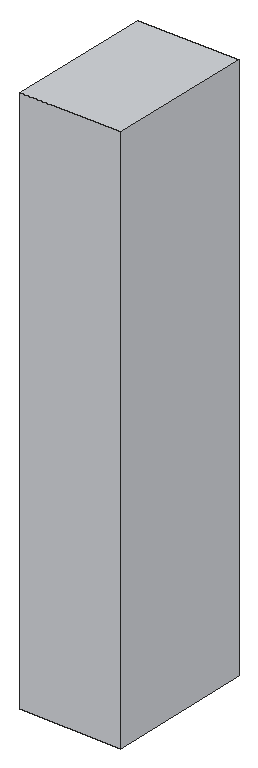
Revit family "Kinzo -300 - Bronze _", category Lighting Fixtures, host Wall, Revit 2018
Family settings
  Host = Wall
  Round Connector Dimension = Use Diameter
  Part Type = Normal
  OmniClass Number = 23.80.70.00
  OmniClass Title = Lighting
  Always vertical = Yes
  Cut with Voids When Loaded = No
  Light Source = Yes
  Shared = No
  Room Calculation Point = No
Parameters (values of type "CE")
  Wattage = 11.7 W
  built-in parameter 1150110 = 1 (stored number, unit not read)
  URL = "www.astrolighting.com"
  built-in parameter 1114217 = 1 (stored number, unit not read)
  Tilt Angle = 0.00°
  built-in parameter 1150109 = 1 (stored number, unit not read)
  built-in parameter 1150134 = (empty or 0)
  built-in parameter 1150113 = 1 (stored number, unit not read)
  Photometric Web File = "GNC-20243 8174 - Kinzo 300 - Bronze.ies"
  built-in parameter 1150105 = 14.897 (stored number, unit not read)
  Lumens = 187.2 lm
  built-in parameter 1150115 = 1 (stored number, unit not read)
  built-in parameter 1150137 = (empty or 0)
  built-in parameter 1150139 = (empty or 0)
  built-in parameter 1150112 = 1 (stored number, unit not read)
  built-in parameter 1150114 = 1 (stored number, unit not read)
  built-in parameter 1150132 = (empty or 0)
  built-in parameter 1150102 = (empty or 0)
  built-in parameter 1150107 = 2700 (stored number, unit not read)
  built-in parameter 1150138 = (empty or 0)
  built-in parameter 1150106 = 0.14897 (stored number, unit not read)
  built-in parameter 1150104 = 1.4864 (stored number, unit not read)
  Dimming Lamp Color Temperature Shift = <None>
  Color Filter = 16777215
  built-in parameter 1114218 = 1 (stored number, unit not read)
  built-in parameter 1150133 = 10 (stored number, unit not read)
  ADA compliant = "Yes"
  Product SKU = 1398012
  Product Name = "Kinzo 300"
  Product Location = "Indoor"
  Product Code = 8174
  Power (Watts) = "11.7"
  Manufacturer = "Astro Lighting Ltd"
  Main Material = "Metal - Alu"
  Main Finish = "Bronze"
  Light Source Fixed = "Yes"
  Length of Cable Supplied = "Not supplied"
  Lamp = "LED"
  Location rating = "IP20"
  Electrical Class = 1
  Efficacy (lm/w) = "16"
  Driver Required = "No"
  Driver Included = "Integral"
  Dimming Method = "Phase Dimming"
  Dimmable = "Yes"
Types (2, lengths in mm): name | Wattage | Tilt Angle | built-in parameter 1150134 | Photometric Web File | built-in parameter 1150105 | Lumens | built-in parameter 1150107 | built-in parameter 1150106 | built-in parameter 1150104 | ADA compliant | Product SKU | Product Name | Product Location | Product Code | Power (Watts) | Main Material | Main Finish | Light Source Fixed | Length of Cable Supplied | Lamp | Location rating | Electrical Class | Efficacy (lm/w) | Driver Included | Dimming Method | Dimmable
  CE | 11.7 W | 0.00° | (empty or 0) | "GNC-20243 8174 - Kinzo 300 - Bronze.ies" | 14.897 (stored number, unit not read) | 187.2 lm | 2700 (stored number, unit not read) | 0.14897 (stored number, unit not read) | 1.4864 (stored number, unit not read) | "Yes" | 1398012 | "Kinzo 300" | "Indoor" | 8174 | "11.7" | "Metal - Alu" | "Bronze" | "Yes" | "Not supplied" | "LED" | "IP20" | 1 | "16" | "Integral" | "Phase Dimming" | "Yes"
  ETL | 9.2903 W | 60.00° | 3 | "generic" | 109.82 (stored number, unit not read) | 1380 lm | 3200 (stored number, unit not read) | 1.0982 (stored number, unit not read) | 13.8 (stored number, unit not read) | "NO" | 1234001 | "" | "Bathroom" | 1234 | "" | "Metal - Steel" | "" | "" | "" | 0 | "DAMP" | 0 | "" | "" | "" | ""
Reference planes
  plane 1: y = 0
  plane 2 "Light Source Axis (L/R)": x = 125
  plane 3 "Light Source Axis (F/R)": y = 150
  plane 4 "Light Source Elevation": z = 1800
Forms (mm)
  Extrusion 1, solid
    sketch origin (125, 0, 49.177) x (0, 1, 0) y (0, 0, 1)
      loop
        line (0, 420) -> (0, 120) -> (80, 120) -> (80, 420) -> (0, 420)
    from -27.5 to 27.5
Text (mm)
  text "Placement side" at (-1787.139, 1116.779, 0), in view "Ref. Level"
  text "Placement side" at (0, 2110.396, 2986.058), in view "Left"
  text "Placement side" at (0, 628.478, 3011.967), in view "Right"
Dimensions and locks
  locked: host wall to plane 1 at 75
